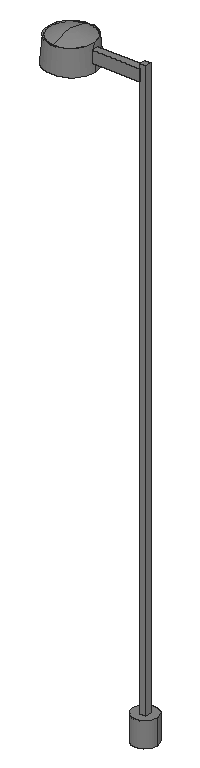
Revit family
Parameters (values of type "250W Halogen - 120V")
  Wattage = 250 W
  built-in parameter 1150110 = 1 (stored number, unit not read)
  built-in parameter 1114217 = 1 (stored number, unit not read)
  built-in parameter 1150109 = 1 (stored number, unit not read)
  built-in parameter 1150134 = 3
  built-in parameter 1150113 = 1 (stored number, unit not read)
  built-in parameter 1150115 = 1 (stored number, unit not read)
  built-in parameter 1150105 = 397.89 (stored number, unit not read)
  Light Source Symbol Size = 609.6 mm
  built-in parameter 1150137 = 1
  built-in parameter 1150139 = (empty or 0)
  built-in parameter 1150112 = 1 (stored number, unit not read)
  built-in parameter 1150114 = 1 (stored number, unit not read)
  built-in parameter 1150132 = (empty or 0)
  built-in parameter 1150102 = (empty or 0)
  built-in parameter 1150138 = (empty or 0)
  built-in parameter 1150107 = 3200 (stored number, unit not read)
  built-in parameter 1150106 = 3.9789 (stored number, unit not read)
  Height = 7500 mm
  Lamp = "T-4"
  Lumens = 5000 lm
  Wattage Comments = "250"
  built-in parameter 1150104 = 1.8581 (stored number, unit not read)
  Dimming Lamp Color Temperature Shift = (empty or 0)
  Color Filter = 16777215
  Ballast Voltage = 120 V
  Ballast Number of Poles = 1
  built-in parameter 1114218 = 1 (stored number, unit not read)
  built-in parameter 1150133 = 10 (stored number, unit not read)
  Apparent Load = 250 VA
Types (10, lengths in mm): name | Wattage | built-in parameter 1150134 | built-in parameter 1150105 | built-in parameter 1150107 | built-in parameter 1150106 | Lamp | Lumens | Wattage Comments | built-in parameter 1150104 | Ballast Voltage | Apparent Load
  (no name) | 250 W | 3 | 397.89 (stored number, unit not read) | 3200 (stored number, unit not read) | 3.9789 (stored number, unit not read) | "T-4" | 5000 lm | "250" | 1.8581 (stored number, unit not read) | 120 V | 250 VA
  400W Halogen - 120V | 400 W | 3 | 795.77 (stored number, unit not read) | 3200 (stored number, unit not read) | 7.9577 (stored number, unit not read) | "T-3" | 10000 lm | "400" | 2.3226 (stored number, unit not read) | 120 V | 400 VA
  250W Sodium - 120V | 250 W | 13 | 2307.7 (stored number, unit not read) | 2100 (stored number, unit not read) | 23.077 (stored number, unit not read) | "E-18" | 29000 lm | "250" | 10.777 (stored number, unit not read) | 120 V | 250 VA
  250W Halogen - 120V | 250 W | 3 | 397.89 (stored number, unit not read) | 3200 (stored number, unit not read) | 3.9789 (stored number, unit not read) | "T-4" | 5000 lm | "250" | 1.8581 (stored number, unit not read) | 120 V | 250 VA
  250W Halogen - 277V | 250 W | 3 | 397.89 (stored number, unit not read) | 3200 (stored number, unit not read) | 3.9789 (stored number, unit not read) | "T-4" | 5000 lm | "250" | 1.8581 (stored number, unit not read) | 277 V | 250 VA
  250W Halogen - 480V | 250 W | 3 | 397.89 (stored number, unit not read) | 3200 (stored number, unit not read) | 3.9789 (stored number, unit not read) | "T-4" | 5000 lm | "250" | 1.8581 (stored number, unit not read) | 480 V | 250 VA
  250W Sodium - 277V | 250 W | 13 | 2307.7 (stored number, unit not read) | 2100 (stored number, unit not read) | 23.077 (stored number, unit not read) | "E-18" | 29000 lm | "250" | 10.777 (stored number, unit not read) | 277 V | 250 VA
  250W Sodium - 480V | 250 W | 12 | 2307.7 (stored number, unit not read) | 4000 (stored number, unit not read) | 23.077 (stored number, unit not read) | "E-18" | 29000 lm | "250" | 10.777 (stored number, unit not read) | 480 V | 250 VA
  400W Halogen - 277V | 400 W | 3 | 795.77 (stored number, unit not read) | 3200 (stored number, unit not read) | 7.9577 (stored number, unit not read) | "T-3" | 10000 lm | "400" | 2.3226 (stored number, unit not read) | 277 V | 400 VA
  400W Halogen - 480V | 400 W | 3 | 795.77 (stored number, unit not read) | 3200 (stored number, unit not read) | 7.9577 (stored number, unit not read) | "T-3" | 10000 lm | "400" | 2.3226 (stored number, unit not read) | 480 V | 400 VA
Reference planes
  plane 1 "Light Source Axis": y = 0
  plane 2: z = 0
  plane 3 "Center": x = 0
  plane 4: z = 7500
  plane 5 "Light Source Elevation": z = 7195.2
  plane 6 "Base": z = 304.8
  plane 7 "Light Source Axis": x = -914.4
  plane 8 "Top": z = 7449.2
  plane 9: z = 7296.8
  plane 10: y = 0
  plane 11: y = 0
Forms (mm)
  Extrusion 1, solid, material "Metal - Paint Finish - Dark Gray, Matte"
    sketch origin (0, 0, 0) x (1, 0, 0) y (0, 1, 0)
      loop
        circle (0, 0) r 152.4
    from 0 to 304.8
  Extrusion 2, solid, material "Metal - Paint Finish - Dark Gray, Matte"
    sketch origin (0, 0, 0) x (1, 0, 0) y (0, 1, 0)
      loop
        line (-38.1, 38.1) -> (-38.1, -38.1) -> (38.1, -38.1) -> (38.1, 38.1) -> (-38.1, 38.1)
    from 304.8 to 7500
  Extrusion 3, solid, material "Metal - Paint Finish - Dark Gray, Matte"
    sketch origin (0, 0, 0) x (1, 0, 0) y (0, 1, 0)
      loop
        line (-38.1, 38.1) -> (-914.4, 38.1) -> (-914.4, -38.1) -> (-38.1, -38.1) -> (-38.1, 38.1)
    from 7296.8 to 7449.2
  Blend 4, solid, material "Metal - Paint Finish - Dark Gray, Matte"
    base sketch origin (0, 0, 0) x (1, 0, 0) y (0, 1, 0)
      loop
        circle (-914.4, 0) r 304.8
    top sketch origin (0, 0, 0) x (1, 0, 0) y (0, 1, 0)
      loop
        circle (-914.4, 0) r 279.4
    from 7195.2 to 7500
  Revolve 5, solid, material "Glass - Frosted"
    sketch origin (-914.4, 0, 0) x (0, 0, -1) y (0, -1, 0)
      loop
        arc (-7195.2, -266.7) -> (-7144.968, -137.236) -> (-7123.738, 0) r 642.256
        line (-7123.738, 0) -> (-7136.438, 0) -> (-7195.2, -228.633) -> (-7195.2, -266.7)
      axis (-7195.2, 0) -> (-7123.738, 0)
    angle from 0 to 360
  Revolve 6, solid, material "Metal - Paint Finish - Dark Gray, Matte"
    sketch origin (-914.4, 0, 14935.2) x (0, 0, 1) y (0, 1, 0)
      loop
        line (-7435.2, 266.7) -> (-7435.2, 228.633) -> (-7376.438, 0) -> (-7363.738, 0)
        arc (-7363.738, 0) -> (-7384.968, 137.236) -> (-7435.2, 266.7) r 642.256
      axis (-7435.2, 0) -> (-7363.738, 0)
    angle from 0 to 360
Lines and regions (mm)
  Masking region 1
    outline origin (0, 0, 0) x (1, 0, 0) y (0, 1, 0)
      loop
        arc (-611.949, 38.1) -> (-933.487, 304.243) -> (-1219.241, 0) r 304.841
        arc (-1219.241, 0) -> (-933.487, -304.243) -> (-611.949, -38.1) r 304.841
        line (-611.949, -38.1) -> (38.1, -38.1) -> (38.1, 38.1) -> (-611.949, 38.1)
  Masking region 2
    outline origin (0, 0, 304.8) x (1, 0, 0) y (0, 1, 0)
      loop
        circle (0, 0) r 152.4
  symbolic lines, style "Exterior"
    curve 1: arc (152.4, 0, 304.8) -> (19.203, 151.185, 304.8) -> (-147.561, 38.1, 304.8) r 152.4
    curve 2: arc (-147.561, -38.1, 304.8) -> (19.203, -151.185, 304.8) -> (152.4, 0, 304.8) r 152.4
    curve 3: arc (12.7, 0, 0) -> (0, 12.7, 0) -> (-12.7, 0, 0) r 12.7
    curve 4: arc (-12.7, 0, 0) -> (0, -12.7, 0) -> (12.7, 0, 0) r 12.7
    curve 5: line (38.1, 38.1, 0) -> (-611.949, 38.1, 0)
    curve 6: line (38.1, -38.1, 0) -> (38.1, 38.1, 0)
    curve 7: line (-611.949, -38.1, 0) -> (38.1, -38.1, 0)
    curve 8: arc (-611.949, 38.1, 0) -> (-933.487, 304.243, 0) -> (-1219.241, 0, 0) r 304.841
    curve 9: arc (-1219.241, 0, 0) -> (-933.487, -304.243, 0) -> (-611.949, -38.1, 0) r 304.841
    curve 10: arc (-634.935, 0, 0) -> (-914.4, 279.465, 0) -> (-1193.865, 0, 0) r 279.465
    curve 11: arc (-1193.865, 0, 0) -> (-914.4, -279.465, 0) -> (-634.935, 0, 0) r 279.465
Dimensions and locks
  "Height": plane 4 to plane 2
  plane 7 "Light Source Axis" to plane 3 "Center" = 914.4 mm
  locked: plane 4 to plane 8 "Top" at 50.8
  locked: plane 8 "Top" to plane 9 at 152.4
  locked: plane 9 to plane 5 "Light Source Elevation" at 101.6
  aligned and locked: Extrusion 2 to Extrusion 1
  aligned and locked: Extrusion 2 to plane 4
  aligned and locked: Extrusion 3 sketch curve to Extrusion 2  (x2)
  aligned and locked: plane 7 "Light Source Axis" to Extrusion 3 sketch curve
  aligned and locked: plane 9 to Extrusion 3
  aligned and locked: plane 5 "Light Source Elevation" to Blend 4
  aligned and locked: Blend 4 to plane 4
  aligned and locked: Extrusion 3 to plane 8 "Top"
  aligned and locked: Masking region 1 sketch curve to curve 8
  aligned and locked: Masking region 1 sketch curve to curve 5
  aligned and locked: Masking region 1 sketch curve to curve 7
  aligned and locked: Masking region 1 sketch curve to Extrusion 2
  aligned and locked: plane 7 "Light Source Axis" to imposter light
  aligned and locked: imposter light to plane 1 "Light Source Axis"
  aligned and locked: plane 5 "Light Source Elevation" to imposter light
Automatic sketch dimensions
  Extrusion 1 sketch curve to plane 1 "Light Source Axis" = 0 mm
  Extrusion 1 sketch curve to plane 3 "Center" = 0 mm
  Extrusion 1 sketch curve to plane 3 "Center" = 152.4 mm
  plane 3 "Center" to Extrusion 2 sketch curve = 38.1 mm
  plane 1 "Light Source Axis" to Extrusion 2 sketch curve = 38.1 mm
  Extrusion 2 sketch curve to plane 1 "Light Source Axis" = 38.1 mm
  Extrusion 2 sketch curve to plane 3 "Center" = 38.1 mm
  plane 1 "Light Source Axis" to Extrusion 3 sketch curve = 38.1 mm
  Blend 4 sketch curve to plane 1 "Light Source Axis" = 0 mm  (x2)
  Blend 4 sketch curve to plane 7 "Light Source Axis" = 0 mm  (x2)
  Blend 4 sketch curve to Blend 4 sketch curve = 304.8 mm
  Blend 4 sketch curve to Blend 4 sketch curve = 279.4 mm
  Revolve 5 sketch curve to plane 1 "Light Source Axis" = 0 mm  (x2)
  Revolve 5 sketch curve to plane 5 "Light Source Elevation" = 0 mm  (x2)
  plane 9 to Revolve 5 sketch curve = 25.4 mm
  plane 1 "Light Source Axis" to Revolve 5 sketch curve = 28.992 mm
  Revolve 5 sketch curve to plane 4 = 265.339 mm
  plane 5 "Light Source Elevation" to Revolve 5 sketch curve = 58.762 mm
  Revolve 5 sketch curve to Revolve 5 sketch curve = 12.7 mm
  Revolve 5 sketch curve to Revolve 5 sketch curve = 38.067 mm
  Revolve 6 sketch curve to plane 1 "Light Source Axis" = 0 mm  (x2)
  plane 5 "Light Source Elevation" to Revolve 6 sketch curve = 265.339 mm
  plane 4 to Revolve 6 sketch curve = 76.2 mm
  Revolve 6 sketch curve to Revolve 6 sketch curve = 76.2 mm
  Revolve 6 sketch curve to plane 4 = 0 mm
  Revolve 6 sketch curve to Revolve 6 sketch curve = 58.762 mm
  Revolve 6 sketch curve to Revolve 6 sketch curve = 12.7 mm
  plane 1 "Light Source Axis" to Revolve 6 sketch curve = 28.992 mm
  Revolve 6 sketch curve to Revolve 6 sketch curve = 38.067 mm
  curve 8 to curve 9 = 0 mm
  curve 8 to curve 10 = 0 mm  (x2)
  curve 9 to plane 1 "Light Source Axis" = 0 mm
  curve 8 to plane 7 "Light Source Axis" = 0 mm
  curve 3 to plane 1 "Light Source Axis" = 0 mm
  plane 7 "Light Source Axis" to curve 11 = 279.465 mm
  curve 8 to curve 10 = 25.376 mm
  plane 1 "Light Source Axis" to curve 9 = 38.1 mm
  curve 3 to plane 3 "Center" = 12.7 mm
  plane 3 "Center" to curve 5 = 38.1 mm
  Masking region 1 sketch curve to Masking region 1 sketch curve = 0 mm
  Masking region 2 sketch curve to plane 1 "Light Source Axis" = 0 mm
  Masking region 2 sketch curve to plane 3 "Center" = 0 mm
  Masking region 2 sketch curve to plane 3 "Center" = 152.4 mm
  curve 8 to plane 1 "Light Source Axis" = 38.1 mm
  curve 1 to plane 1 "Light Source Axis" = 0 mm
  curve 1 to plane 3 "Center" = 0 mm
  curve 1 to plane 3 "Center" = 147.561 mm
  curve 4 to plane 3 "Center" = 0 mm
  curve 1 to curve 2 = 0 mm
  plane 1 "Light Source Axis" to curve 2 = 38.1 mm
  curve 2 to curve 1 = 0 mm
Connectors
  electrical at (-914.4, 0, 7500), driven by "Apparent Load", driven by "Ballast Voltage", driven by "Ballast Number of Poles"
    settings: on Blend 4, index 1
